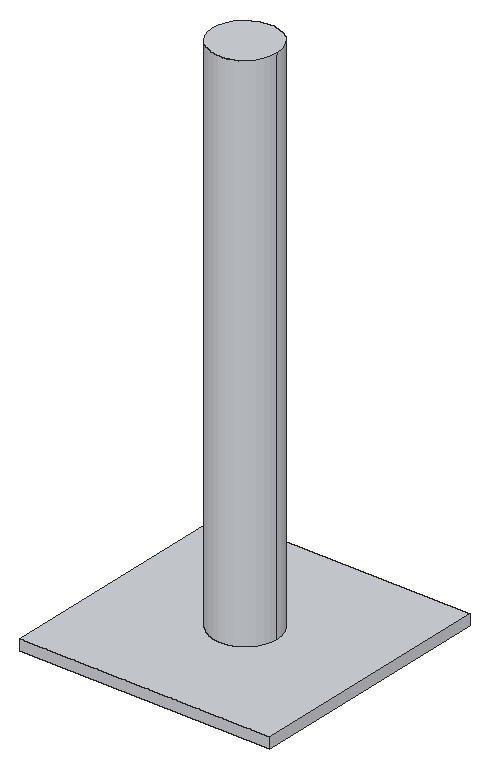
Revit family "BIM_ST_Scaff_JackBase_Shared", category Generic Models, Revit 2022
Family settings
  Can host rebar = No
  Round Connector Dimension = Use Diameter
  Part Type = Normal
  Work Plane-Based = No
  Always vertical = Yes
  Cut with Voids When Loaded = No
  Maintain Annotation Orientation = No
  Shared = Yes
  Room Calculation Point = No
Parameters
  Default Elevation = 0 mm
  Adjustment_Height [instance] = 0 mm
Reference planes
  plane 1 "Center (Front/Back)": y = 0
  plane 2: z = 0
  plane 3 "Center (Left/Right)": x = 0
Forms (mm)
  Extrusion 1, solid
    sketch origin (0, 0, 0) x (1, 0, 0) y (0, 1, 0)
      loop
        line (-70, -70) -> (70, -70) -> (70, 70) -> (-70, 70) -> (-70, -70)
    from 0 to 6
  Extrusion 2, solid
    sketch origin (0, 0, 0) x (1, 0, 0) y (0, 1, 0)
      loop
        circle (0, 0) r 18
    from 0 to 300
Dimensions and locks
  aligned and locked: level to plane 2
